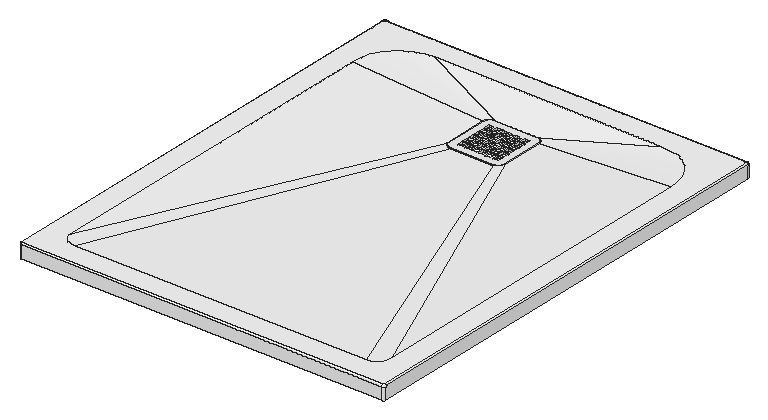
Revit family "IS_UltraFlatS_K8219_BIM_DE", category Plumbing Fixtures, host Face, Revit 2016
Family settings
  Host = Face
  Part Type = Normal
  Round Connector Dimension = Use Diameter
  OmniClass Number = 23.45.05.14.21.11
  OmniClass Title = Bath/Shower Units
  Cut with Voids When Loaded = No
  Shared = No
  Room Calculation Point = No
Parameters (values of type "K8219FR - ULTRAFLAT S PD 100X80 BIANCO")
  WarrantyStartDate = "n/a"
  WarrantyGuarantorParts = "n/a"
  WarrantyGuarantorLabor = "n/a"
  WarrantyDurationUnit = "n/a"
  WarrantyDurationParts = "n/a"
  WarrantyDurationLabor = "n/a"
  WarrantyDescription = "n/a"
  WFU = 0
  VolumeUnits = "Litres"
  Version = "1"
  Uniclass2015Version = "Products v1.1"
  Uniclass2015Title = "Shower trays"
  Uniclass2015Code = "Pr_40_20_06_84"
  URL = "www.idealstandard.de"
  Type Comments = "n/a"
  TagNumber = "n/a"
  SustainabilityPerformance = "n/a"
  Space = "Internal"
  Size = "800 x 1000 x 30 mm"
  Shape = "Rectangular"
  SerialNumber = "n/a"
  ReplacementCost = "n/a"
  ProductInformation = "www.idealstandard.de"
  PredefinedType = "n/a"
  Phone = "+49228 5210"
  NominalWidth = 800 mm
  NominalLength = 1000 mm
  NominalHeight = 30 mm
  NominalDepth = 0 mm
  Name = "ISI_IdealStandard_Showers_Ultra Flat S_K8219FR"
  ModelReference = "IS Rechteck-Brausewanne ULTRA FLAT S, 1000x800x30mm, Carraraweiß"
  ModelNumber = "K8219FR"
  Model = "K8219FR"
  Material = "Sanitary Brass"
  ManufacturerURL = "www.idealstandard.de"
  Manufacturer = "idealstandard.de@idealstandard.com"
  MainMaterial = IS_RenderMaterial_White
  LinearUnits = "millimeters"
  Keynote = ""
  InstallationInstructions = "www.idealstandard.de\\produkte"
  InstallationDate = "1900-12-31T23:59:59"
  Help = "idealstandard.de@idealstandard.com"
  HWFU = 0
  GrossWeight = "31 kg"
  Grade = "n/a"
  Finish = "Pure White"
  Features = "ULTRA FLAT S rectangular shower tray 1000x800mm"
  ExpectedLife = "25"
  DurationUnit = "year"
  DistributedBy = "n/a"
  Description = "Ultraflat S Pd 100 x 80 Bianco"
  Default Elevation = 0 mm
  CurrencyUnit = "€"
  CreatedOn = "42774"
  Cost = 0
  Constituents = "n/a"
  ConnectionType = "Plumbing"
  Color = "Pure White"
  CodePerformance = "0"
  CWFU = 0
  Brand = "Ideal Standard"
  BarCode = "4015413067553"
  BIMObjectName = "ISI_IdealStandard_Showers_Ultra Flat S_K8219FR"
  Author = "Ideal Standard"
  AssetType = "Fixed"
  AssetIdentifier = "n/a"
  Assembly Code = "C1030200"
  AreaUnits = "millimeters"
  AreaMeasurement = "n/a"
  Accessories = "www.idealstandard.de\\ersatzteile"
  AccessibilityPerformance = "n/a"
Types (5, lengths in mm): name | Name | ModelReference | ModelNumber | Model | MainMaterial | Finish | Description | Color | BarCode | BIMObjectName
  K8219FR - ULTRAFLAT S PD 100X80 BIANCO | "ISI_IdealStandard_Showers_Ultra Flat S_K8219FR" | "IS Rechteck-Brausewanne ULTRA FLAT S, 1000x800x30mm, Carraraweiß" | "K8219FR" | "K8219FR" | IS_RenderMaterial_White | "Pure White" | "Ultraflat S Pd 100 x 80 Bianco" | "Pure White" | "4015413067553" | "ISI_IdealStandard_Showers_Ultra Flat S_K8219FR"
  K8219FS - ULTRAFLAT S PD 100X80 GRIGIO CEMENTO | "ISI_IdealStandard_Showers_Ultra Flat S_K8219FS" | "IS Rechteck-Brausewanne ULTRA FLAT S, 1000x800x30mm, Quarzgrau" | "K8219FS" | "K8219FS" | IS_RenderMaterial_Grey | "Concrete Grey" | "Ultraflat S Pd 100 x 80 Grigio Cemento" | "Concrete Grey" | "4015413070584" | "ISI_IdealStandard_Showers_Ultra Flat S_K8219FS"
  K8219FT - ULTRAFLAT S PD 100X80 SABBIA | "ISI_IdealStandard_Showers_Ultra Flat S_K8219FT" | "IS Rechteck-Brausewanne ULTRA FLAT S, 1000x800x30mm, Sandstein" | "K8219FT" | "K8219FT" | IS_RenderMaterial_Sand | "Beach Sand" | "Ultraflat S Pd 100 x 80 Sabbia" | "Beach Sand" | "4015413070942" | "ISI_IdealStandard_Showers_Ultra Flat S_K8219FT"
  K8219FV - ULTRAFLAT S PD 100X80 NERO | "ISI_IdealStandard_Showers_Ultra Flat S_K8219FV" | "IS Rechteck-Brausewanne ULTRA FLAT S, 1000x800x30mm, Schiefer" | "K8219FV" | "K8219FV" | IS_RenderMaterial_Black | "Jet Black" | "Ultraflat S Pd 100 x 80 Nero" | "Jet Black" | "4015413071710" | "ISI_IdealStandard_Showers_Ultra Flat S_K8219FV"
  K8219FU - ULTRAFLAT S PD 100X80 MOKA | "ISI_IdealStandard_Showers_Ultra Flat S_K8219FU" | "IS Rechteck-Brausewanne ULTRA FLAT S, 1000x800x30mm, Lavabraun" | "K8219FU" | "K8219FU" | IS_RenderMaterial_Moka | "Deep Moka" | "Ultraflat S Pd 100 x 80 Moka" | "Deep Moka" | "4015413071338" | "ISI_IdealStandard_Showers_Ultra Flat S_K8219FU"
Reference planes
  plane 1 "Center (Front/Back)": y = 0
  plane 2: z = 0
  plane 3 "Center (Left/Right)": x = 0
  plane 4: z = 30
  plane 5: z = 15
  plane 6: x = 400
  plane 7: y = -1000
  plane 8: x = -400
  plane 9: y = -950
  plane 10: x = 350
  plane 11: x = -350
  plane 12: y = -50
  plane 13: y = -200
  plane 14: z = 12
Forms (mm)
  Extrusion 1, solid, material "IS_RenderMaterial_White" <- "MainMaterial"
    sketch origin (0, 0, 0) x (1, 0, 0) y (0, 1, 0)
      loop
        arc (-395, 0) -> (-398.536, -1.464) -> (-400, -5) r 5
        line (-400, -5) -> (-400, -995)
        arc (-400, -995) -> (-398.536, -998.536) -> (-395, -1000) r 5
        line (-395, -1000) -> (395, -1000)
        arc (395, -1000) -> (398.536, -998.536) -> (400, -995) r 5
        line (400, -995) -> (400, -5)
        arc (400, -5) -> (398.536, -1.464) -> (395, 0) r 5
        line (395, 0) -> (-395, 0)
    from 0 to 30
  Blend 2, void
    base sketch origin (0, 39.744, 30) x (-1, 0, 0) y (0, -1, 0)
      loop
        arc (250, 89.744) -> (320.711, 119.033) -> (350, 189.744) r 100
        line (350, 189.744) -> (350, 959.744)
        arc (350, 959.744) -> (341.213, 980.957) -> (320, 989.744) r 30
        line (320, 989.744) -> (-320, 989.744)
        arc (-320, 989.744) -> (-341.213, 980.957) -> (-350, 959.744) r 30
        line (-350, 959.744) -> (-350, 189.744)
        arc (-350, 189.744) -> (-320.711, 119.033) -> (-250, 89.744) r 100
        line (-250, 89.744) -> (250, 89.744)
    top sketch origin (0, 39.744, 30) x (-1, 0, 0) y (0, -1, 0)
      loop
        arc (47.5, 177.244) -> (58.107, 181.637) -> (62.5, 192.244) r 15
        line (62.5, 192.244) -> (62.5, 287.244)
        arc (62.5, 287.244) -> (58.107, 297.85) -> (47.5, 302.244) r 15
        line (47.5, 302.244) -> (-47.5, 302.244)
        arc (-47.5, 302.244) -> (-58.107, 297.85) -> (-62.5, 287.244) r 15
        line (-62.5, 287.244) -> (-62.5, 192.244)
        arc (-62.5, 192.244) -> (-58.107, 181.637) -> (-47.5, 177.244) r 15
        line (-47.5, 177.244) -> (47.5, 177.244)
    from 0 to -15
  Revolve 3, void
    sketch origin (-65.411, -200, 1219.2) x (-1, 0, 0) y (0, 0, 1)
      loop
        line (-65.411, -1219.2) -> (-20.411, -1219.2) -> (-20.411, -1214.2) -> (-13.411, -1207.2) -> (-65.411, -1207.2) -> (-65.411, -1219.2)
      axis (-65.411, -1219.2) -> (-65.411, -1207.2)
    angle from 0 to 360
  Extrusion 4, void
    sketch origin (0, -134.515, 12) x (-1, 0, 0) y (0, 1, 0)
      loop
        arc (-47.5, -2.985) -> (-58.107, -7.379) -> (-62.5, -17.985) r 15
        line (-62.5, -17.985) -> (-62.5, -112.985)
        arc (-62.5, -112.985) -> (-58.107, -123.592) -> (-47.5, -127.985) r 15
        line (-47.5, -127.985) -> (47.5, -127.985)
        arc (47.5, -127.985) -> (58.107, -123.592) -> (62.5, -112.985) r 15
        line (62.5, -112.985) -> (62.5, -17.985)
        arc (62.5, -17.985) -> (58.107, -7.379) -> (47.5, -2.985) r 15
        line (47.5, -2.985) -> (-47.5, -2.985)
    from 0 to -3
  Extrusion 5, solid, material "Chrome - Polished"
    sketch origin (0, -134.515, 12) x (0, 1, 0) y (-1, 0, 0)
      loop
        arc (-4.985, 46.539) -> (-9.074, 56.411) -> (-18.946, 60.5) r 13.961
        line (-18.946, 60.5) -> (-111.985, 60.5)
        arc (-111.985, 60.5) -> (-121.885, 56.399) -> (-125.985, 46.5) r 14
        line (-125.985, 46.5) -> (-125.985, -46.5)
        arc (-125.985, -46.5) -> (-121.885, -56.399) -> (-111.985, -60.5) r 14
        line (-111.985, -60.5) -> (-18.985, -60.5)
        arc (-18.985, -60.5) -> (-9.086, -56.399) -> (-4.985, -46.5) r 14
        line (-4.985, -46.5) -> (-4.985, 46.539)
      loop
        line (-64.007, 45) -> (-64.007, 32) -> (-52.007, 32) -> (-52.007, 45) -> (-64.007, 45)
      loop
        line (-49.007, 45) -> (-49.007, 32) -> (-37.007, 32) -> (-37.007, 45) -> (-49.007, 45)
      loop
        line (-34.007, 45) -> (-34.007, 32) -> (-22.007, 32) -> (-22.007, 45) -> (-34.007, 45)
      loop
        line (-34.007, 29) -> (-34.007, 16) -> (-22.007, 16) -> (-22.007, 29) -> (-34.007, 29)
      loop
        line (-34.007, 13) -> (-34.007, 1.526) -> (-22.007, 1.526) -> (-22.007, 13) -> (-34.007, 13)
      loop
        line (-37.007, 29) -> (-49.007, 29) -> (-49.007, 16) -> (-37.007, 16) -> (-37.007, 29)
      loop
        line (-37.007, 13) -> (-49.007, 13) -> (-49.007, 1.526) -> (-37.007, 1.526) -> (-37.007, 13)
      loop
        line (-52.007, 29) -> (-64.007, 29) -> (-64.007, 16) -> (-52.007, 16) -> (-52.007, 29)
      loop
        line (-52.007, 13) -> (-64.007, 13) -> (-64.007, 1.526) -> (-52.007, 1.526) -> (-52.007, 13)
      loop
        line (-64.007, -45) -> (-52.007, -45) -> (-52.007, -32) -> (-64.007, -32) -> (-64.007, -45)
      loop
        line (-49.007, -45) -> (-37.007, -45) -> (-37.007, -32) -> (-49.007, -32) -> (-49.007, -45)
      loop
        line (-34.007, -45) -> (-22.007, -45) -> (-22.007, -32) -> (-34.007, -32) -> (-34.007, -45)
      loop
        line (-34.007, -29) -> (-22.007, -29) -> (-22.007, -16) -> (-34.007, -16) -> (-34.007, -29)
      loop
        line (-34.007, -13) -> (-22.007, -13) -> (-22.007, -1.526) -> (-34.007, -1.526) -> (-34.007, -13)
      loop
        line (-37.007, -29) -> (-37.007, -16) -> (-49.007, -16) -> (-49.007, -29) -> (-37.007, -29)
      loop
        line (-37.007, -13) -> (-37.007, -1.526) -> (-49.007, -1.526) -> (-49.007, -13) -> (-37.007, -13)
      loop
        line (-52.007, -29) -> (-52.007, -16) -> (-64.007, -16) -> (-64.007, -29) -> (-52.007, -29)
      loop
        line (-52.007, -13) -> (-52.007, -1.526) -> (-64.007, -1.526) -> (-64.007, -13) -> (-52.007, -13)
      loop
        line (-66.963, 45) -> (-78.963, 45) -> (-78.963, 32) -> (-66.963, 32) -> (-66.963, 45)
      loop
        line (-81.963, 45) -> (-93.963, 45) -> (-93.963, 32) -> (-81.963, 32) -> (-81.963, 45)
      loop
        line (-96.963, 45) -> (-108.963, 45) -> (-108.963, 32) -> (-96.963, 32) -> (-96.963, 45)
      loop
        line (-96.963, 29) -> (-108.963, 29) -> (-108.963, 16) -> (-96.963, 16) -> (-96.963, 29)
      loop
        line (-96.963, 13) -> (-108.963, 13) -> (-108.963, 1.526) -> (-96.963, 1.526) -> (-96.963, 13)
      loop
        line (-93.963, 29) -> (-93.963, 16) -> (-81.963, 16) -> (-81.963, 29) -> (-93.963, 29)
      loop
        line (-93.963, 13) -> (-93.963, 1.526) -> (-81.963, 1.526) -> (-81.963, 13) -> (-93.963, 13)
      loop
        line (-78.963, 29) -> (-78.963, 16) -> (-66.963, 16) -> (-66.963, 29) -> (-78.963, 29)
      loop
        line (-78.963, 13) -> (-78.963, 1.526) -> (-66.963, 1.526) -> (-66.963, 13) -> (-78.963, 13)
      loop
        line (-66.963, -45) -> (-66.963, -32) -> (-78.963, -32) -> (-78.963, -45) -> (-66.963, -45)
      loop
        line (-81.963, -45) -> (-81.963, -32) -> (-93.963, -32) -> (-93.963, -45) -> (-81.963, -45)
      loop
        line (-96.963, -45) -> (-96.963, -32) -> (-108.963, -32) -> (-108.963, -45) -> (-96.963, -45)
      loop
        line (-96.963, -29) -> (-96.963, -16) -> (-108.963, -16) -> (-108.963, -29) -> (-96.963, -29)
      loop
        line (-96.963, -13) -> (-96.963, -1.526) -> (-108.963, -1.526) -> (-108.963, -13) -> (-96.963, -13)
      loop
        line (-93.963, -29) -> (-81.963, -29) -> (-81.963, -16) -> (-93.963, -16) -> (-93.963, -29)
      loop
        line (-93.963, -13) -> (-81.963, -13) -> (-81.963, -1.526) -> (-93.963, -1.526) -> (-93.963, -13)
      loop
        line (-78.963, -29) -> (-66.963, -29) -> (-66.963, -16) -> (-78.963, -16) -> (-78.963, -29)
      loop
        line (-78.963, -13) -> (-66.963, -13) -> (-66.963, -1.526) -> (-78.963, -1.526) -> (-78.963, -13)
    from 0 to 3
  Sweep 6, void
    path in 3D
      loop
        arc (400, -5, 30) -> (398.536, -1.464, 30) -> (395, 0, 30) r 5
        line (395, 0, 30) -> (-395, 0, 30)
        arc (-395, 0, 30) -> (-398.536, -1.464, 30) -> (-400, -5, 30) r 5
        line (-400, -5, 30) -> (-400, -995, 30)
        arc (-400, -995, 30) -> (-398.536, -998.536, 30) -> (-395, -1000, 30) r 5
        line (-395, -1000, 30) -> (395, -1000, 30)
        arc (395, -1000, 30) -> (398.536, -998.536, 30) -> (400, -995, 30) r 5
        line (400, -995, 30) -> (400, -5, 30)
    profile origin (400, -500, 30) x (-1, 0, 0) y (0, 0, 1)
      loop
        line (0, 0) -> (0, -3)
        arc (0, -3) -> (0.879, -0.879) -> (3, 0) r 3
        line (3, 0) -> (0, 0)
Cuts and joins
  Blend 2, Revolve 3, Extrusion 4, Sweep 6 cuts Extrusion 1
Lines and regions (mm)
  sketch lines
    curve 1: line (400, -995, 30) -> (400, -5, 30)
    curve 2: arc (400, -995, 30) -> (398.536, -998.536, 30) -> (395, -1000, 30) r 5
    curve 3: line (-395, -1000, 30) -> (395, -1000, 30)
    curve 4: arc (395, 0, 30) -> (398.536, -1.464, 30) -> (400, -5, 30) r 5
    curve 5: line (395, 0, 30) -> (-395, 0, 30)
    curve 6: arc (-400, -5, 30) -> (-398.536, -1.464, 30) -> (-395, 0, 30) r 5
    curve 7: line (-400, -5, 30) -> (-400, -995, 30)
    curve 8: arc (-395, -1000, 30) -> (-398.536, -998.536, 30) -> (-400, -995, 30) r 5
Dimensions and locks
  "NominalHeight": plane 4 to level
  "NominalWidth": plane 8 to plane 6
  "NominalLength": plane 1 "Center (Front/Back)" to plane 7
  aligned and locked: plane 2 to host face
  aligned and locked: level to host face
  aligned and locked: Extrusion 1 to plane 4
  aligned and locked: plane 5 to Blend 2
  aligned and locked: Extrusion 4 to plane 5
  aligned and locked: Extrusion 5 to plane 5
Automatic sketch dimensions
  host sketch curve to host sketch curve = 1920.669 mm
  host sketch curve to host sketch curve = 1898.7 mm
  Extrusion 1 sketch curve to plane 8 = 0 mm
  Extrusion 1 sketch curve to plane 7 = 0 mm
  plane 1 "Center (Front/Back)" to Extrusion 1 sketch curve = 0 mm
  Extrusion 1 sketch curve to plane 6 = 0 mm
  Extrusion 1 sketch curve to plane 8 = 5 mm
  Extrusion 1 sketch curve to Extrusion 1 sketch curve = 5 mm
  Extrusion 1 sketch curve to plane 6 = 5 mm  (x2)
  Blend 2 sketch curve to plane 10 = 0 mm
  Blend 2 sketch curve to plane 9 = 0 mm
  Blend 2 sketch curve to plane 12 = 0 mm
  Blend 2 sketch curve to plane 11 = 0 mm
  Blend 2 sketch curve to Blend 2 sketch curve = 30 mm  (x2)
  plane 13 to Blend 2 sketch curve = 50 mm  (x2)
  plane 3 "Center (Left/Right)" to Blend 2 sketch curve = 62.5 mm
  Blend 2 sketch curve to Blend 2 sketch curve = 15 mm  (x3)
  Blend 2 sketch curve to plane 3 "Center (Left/Right)" = 47.5 mm  (x2)
  plane 13 to Blend 2 sketch curve = 62.5 mm
  Blend 2 sketch curve to plane 13 = 47.5 mm
  Revolve 3 sketch curve to level = 0 mm
  Revolve 3 sketch curve to plane 3 "Center (Left/Right)" = 0 mm  (x2)
  Revolve 3 sketch curve to plane 14 = 0 mm
  level to Revolve 3 sketch curve = 5 mm
  Revolve 3 sketch curve to plane 3 "Center (Left/Right)" = 45 mm
  Revolve 3 sketch curve to Revolve 3 sketch curve = 7 mm
  Revolve 3 sketch curve to level = 10 mm
  plane 5 to Revolve 3 sketch curve = 7.187 mm
  plane 3 "Center (Left/Right)" to Extrusion 4 sketch curve = 62.5 mm
  Extrusion 4 sketch curve to Extrusion 4 sketch curve = 15 mm  (x3)
  Extrusion 4 sketch curve to plane 3 "Center (Left/Right)" = 47.5 mm  (x2)
  plane 13 to Extrusion 4 sketch curve = 62.5 mm
  Extrusion 4 sketch curve to plane 13 = 47.5 mm
  Extrusion 5 sketch curve to plane 13 = 60.5 mm
  Extrusion 5 sketch curve to Extrusion 5 sketch curve = 14 mm  (x3)
  Extrusion 5 sketch curve to Extrusion 5 sketch curve = 3.022 mm  (x3)
  Extrusion 5 sketch curve to Extrusion 5 sketch curve = 0 mm  (x57)
  plane 3 "Center (Left/Right)" to Extrusion 5 sketch curve = 1.526 mm  (x6)
  Extrusion 5 sketch curve to Extrusion 5 sketch curve = 12 mm  (x13)
  Extrusion 5 sketch curve to Extrusion 5 sketch curve = 3 mm  (x35)
  Extrusion 5 sketch curve to plane 13 = 1.478 mm  (x6)
  plane 13 to Extrusion 5 sketch curve = 1.478 mm  (x6)
  Extrusion 5 sketch curve to Extrusion 5 sketch curve = 3.061 mm
  plane 3 "Center (Left/Right)" to Extrusion 5 sketch curve = 13 mm
  Extrusion 5 sketch curve to Extrusion 5 sketch curve = 11.474 mm  (x4)
  Extrusion 5 sketch curve to Extrusion 5 sketch curve = 13 mm  (x8)
  Extrusion 5 sketch curve to Extrusion 5 sketch curve = 1.5 mm  (x2)
  Extrusion 5 sketch curve to plane 3 "Center (Left/Right)" = 1.526 mm  (x6)
  Sweep 6 sketch curve to profile plane = 0 mm  (x2)
  Sweep 6 sketch curve to Sweep 6 sketch curve = 3 mm
Connectors
  piping at (0, -200, 0), diameter 90
    settings: on cut or joined group of Extrusion 1, Blend 2, Revolve 3, Extrusion 4, Sweep 6, index 1, connector inside diameter 609.6 mm, connector length 0 mm, flow factor 0, pipe flow 0.0 L/s, pressure drop 0.0 Pa, fitting loss kfactor 0, connector angle 0.00°, fixture units 0, engagement length 0 mm, angle of deflection 0.00°, flow configuration 2, flow direction 2, fitting loss method 0, system type 16, joint type 0, gender type 0, connector reference index -1, connector utility 0, adjustable connector no, is connector primary yes, connector description ""
